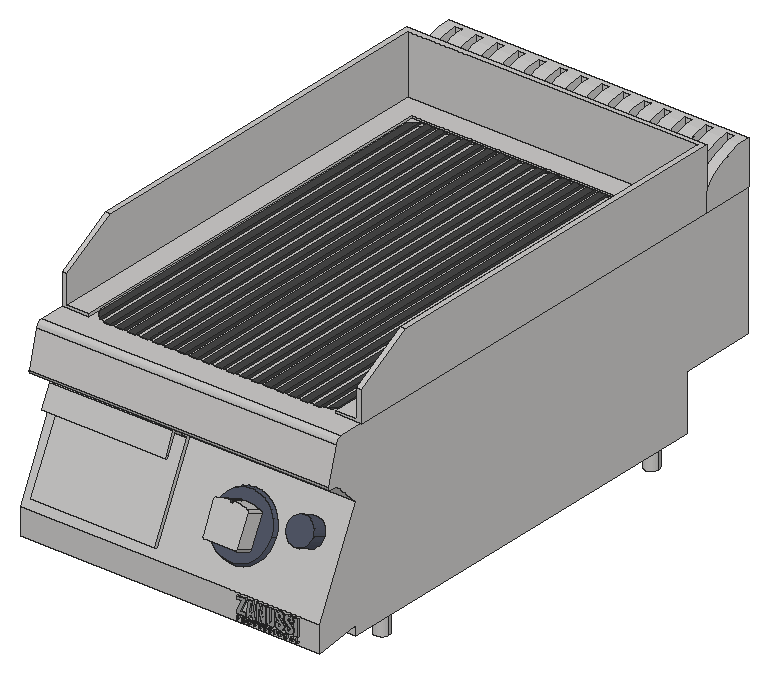
Revit family "QF_ZANUSSI_372323_Z7IILAAOMCA", category Specialty Equipment, Revit 2018
Family settings
  Round Connector Dimension = Use Diameter
  Part Type = Normal
  Work Plane-Based = No
  Always vertical = Yes
  Cut with Voids When Loaded = No
  Shared = No
  Room Calculation Point = No
Parameters (values of type "Standard")
  Weight = 40.00 kg
  Watts = 0 W
  Volts = 0 V
  URL Manufacturer = "http://www.zanussiprofessional.com"
  URL = "http://www.zanussiprofessional.com"
  Steam Supply Size = 0"
  Steam Supply Minimum Pressure = 0.00 psi
  Steam Supply Maximum Pressure = 0.00 psi
  Steam Pounds per Hour = 0
  Show Logo [instance] = yes
  Show Clearance [instance] = yes
  Refrigeration Suction Line Size = 0"
  Refrigeration Liquid Line Size = 0"
  Refrigerant Compressor Remote = yes
  Phase = 0
  Model = "Z7IILAAOMCA"
  Manufacturer = "Zanussi"
  Length Actual = 400.00 mm  # constant formula
  Item Number = "372323"
  Hot Water Size = 0"
  Height Actual = 250.00 mm  # constant formula
  HP = "0 HP"
  Gas Size = 1/2"
  Gas KW = 7
  Gas Input Pressure = 0.234579 Btu/h
  Direct Waste Size = 0"
  Description = "GAS FRY TOP-RIBBED PLATE 400MM-BRUSHED CHROME"
  Depth Actual = 700.00 mm  # constant formula
  Cycle = 0 Hz
  Condensate Return Size = 0"
  Compressed Air Volume = 0 GPM
  Compressed Air Size = 0"
  Compressed Air Pressure = 0.00 psi
  Cold Water Size = 0"
  Assembly Code = ""
  Accessory = yes
Reference planes
  plane 1 "BACK": y = 0
  plane 2: z = 0
  plane 3 "LEFT": x = 0
  plane 4 "RIGHT": x = 400
  plane 5 "FRONT": y = -715
  plane 6 "TOP": z = 288.925
  plane 7 "Center Y": x = 200
  plane 8 "Center X": y = -357.5
  plane 9 "BASE": z = 650
  plane 10 "TOP A": z = 900
  plane 11: y = -597.884
  plane 12: y = -147.637
  plane 13: z = 981
  plane 14: through (-6096, -715, 65.146) normal (0, 0.8956, -0.4448)
  plane 15 "panel": through (-6096, -655.161, 185.641) normal (0, -0.8956, 0.4448)
  plane 16: z = 900
Forms (mm)
  Extrusion 1, solid, material "QF_Finishes_Stainless Steel"
    sketch origin (0, 0, 626) x (0, 1, 0) y (0, 0, 1)
      loop
        line (0, 98) -> (0, 274) -> (-679.358, 274)
        arc (-679.358, 274) -> (-684.643, 271.811) -> (-686.833, 266.526) r 7.474
        line (-686.833, 266.526) -> (-699.884, 221.011)
        arc (-699.884, 221.011) -> (-699.396, 218.379) -> (-697, 217.184) r 3
        line (-697, 217.184) -> (-686.802, 217.184) -> (-654.982, 185.364) -> (-715, 64.508) -> (-715, 29.508) -> (-658.645, 37.428)
        arc (-658.645, 37.428) -> (-656.101, 36.674) -> (-655, 34.259) r 3.2
        line (-655, 34.259) -> (-655, 24) -> (-103, 24) -> (-103, 98) -> (0, 98)
    from 0 to 400
  Extrusion 2, void
    sketch origin (0, -2.381, 900) x (-1, 0, 0) y (0, -1, 0)
      loop
        arc (-60.425, 102.504) -> (-42.464, 109.943) -> (-35.025, 127.904) r 25.4
        line (-35.025, 127.904) -> (-35.025, 617.104)
        arc (-35.025, 617.104) -> (-42.464, 635.064) -> (-60.425, 642.504) r 25.4
        line (-60.425, 642.504) -> (-339.575, 642.504)
        arc (-339.575, 642.504) -> (-357.536, 635.064) -> (-364.975, 617.104) r 25.4
        line (-364.975, 617.104) -> (-364.975, 127.904)
        arc (-364.975, 127.904) -> (-357.536, 109.943) -> (-339.575, 102.504) r 25.4
        line (-339.575, 102.504) -> (-60.425, 102.504)
    from 0 to -3.2
  Extrusion 3, solid, material "QF_Finishes_Stainless Steel"
    sketch origin (0, 0, 626) x (1, 0, 0) y (0, 1, 0)
      loop
        circle (11.112, -147.638) r 9.525
      loop
        circle (11.112, -597.884) r 9.525
      loop
        circle (388.887, -147.638) r 9.525
      loop
        circle (388.887, -597.884) r 9.525
    from 0 to 24
  Extrusion 4, solid, material "QF_Finishes_Stainless Steel"
    sketch origin (0, -101.6, 101.6) x (0, 0, -1) y (-1, 0, 0)
      loop
        circle (-582.306, -347.613) r 6.35
    from -1.4 to 3.175
  Extrusion 5, solid, material "QF_Finishes_Clearance", visible <- "Show Clearance", detail levels coarse
    sketch origin (0, 0, 626) x (1, 0, 0) y (0, 1, 0)
      loop
        line (0, -715) -> (0, 0) -> (400, 0) -> (400, -715) -> (550.019, -715) -> (550.019, 150.019) -> (-150.019, 150.019) -> (-150.019, -715) -> (0, -715)
    from 0 to 355
  Extrusion 6, solid, material "QF_Finishes_Stainless Steel"
    sketch origin (0, -14.311, 626) x (0, 1, 0) y (0, 0, 1)
      loop
        line (-640.85, 185.828) -> (-659.988, 204.966)
        arc (-659.988, 204.966) -> (-664.455, 206.368) -> (-668.159, 203.504) r 5.058
        line (-668.159, 203.504) -> (-680.821, 175.994) -> (-677.937, 174.666) -> (-665.275, 202.176)
        arc (-665.275, 202.176) -> (-663.896, 203.243) -> (-662.233, 202.721) r 1.883
        line (-662.233, 202.721) -> (-644.727, 185.215) -> (-698.248, 77.444) -> (-695.339, 76.105) -> (-640.85, 185.828)
    from 12.7 to 177.8
  Extrusion 7, solid, material "QF_Finishes_Drawer Clearance", visible <- "Show Clearance", detail levels coarse
    sketch origin (0, -115.911, 626) x (0, 1, 0) y (0, 0, 1)
      loop
        line (-662.903, 76.105) -> (-593.739, 76.105) -> (-539.25, 185.828) -> (-558.388, 204.966)
        arc (-558.388, 204.966) -> (-560.449, 206.215) -> (-562.855, 206.368) r 5.058
        line (-562.855, 206.368) -> (-632.019, 206.368)
        arc (-632.019, 206.368) -> (-634.222, 205.39) -> (-635.723, 203.504) r 5.058
        line (-635.723, 203.504) -> (-648.385, 175.994) -> (-645.501, 174.666) -> (-632.839, 202.176)
        arc (-632.839, 202.176) -> (-631.46, 203.243) -> (-629.796, 202.721) r 1.883
        line (-629.796, 202.721) -> (-612.291, 185.215) -> (-665.811, 77.444) -> (-662.903, 76.105)
    from 12.7 to 177.8
  Extrusion 8, solid, material "QF_Finishes_Stainless Steel"
    sketch origin (0, 0, 626) x (0, 1, 0) y (0, 0, 1)
      loop
        line (0, 274) -> (0, 333.13)
        arc (0, 333.13) -> (-38.824, 324.814) -> (-69.85, 300.038) r 86.548
        line (-69.85, 300.038) -> (-69.85, 274) -> (0, 274)
    from 0 to 400.05
  Extrusion 9, void
    sketch origin (0, 0, 900.638) x (-1, 0, 0) y (0, -1, 0)
      loop
        line (-13.453, 6.761) -> (-13.453, 63.911) -> (-22.749, 63.911) -> (-22.749, 6.761) -> (-13.453, 6.761)
    from 25.4 to 63.5
  Extrusion 10, void
    sketch origin (400.05, 0, 900.638) x (1, 0, 0) y (0, 1, 0)
      loop
        line (-13.503, -6.761) -> (-22.799, -6.761) -> (-22.799, -63.911) -> (-13.503, -63.911) -> (-13.503, -6.761)
    from 25.4 to 63.5
  Extrusion 11, void
    sketch origin (27.988, 0, 900.638) x (-1, 0, 0) y (0, -1, 0)
      loop
        line (-13.453, 6.761) -> (-13.453, 63.911) -> (-22.749, 63.911) -> (-22.749, 6.761) -> (-13.453, 6.761)
    from 25.4 to 63.5
  Extrusion 12, void
    sketch origin (55.977, 0, 900.638) x (-1, 0, 0) y (0, -1, 0)
      loop
        line (-13.453, 6.761) -> (-13.453, 63.911) -> (-22.749, 63.911) -> (-22.749, 6.761) -> (-13.453, 6.761)
    from 25.4 to 63.5
  Extrusion 13, void
    sketch origin (83.965, 0, 900.638) x (-1, 0, 0) y (0, -1, 0)
      loop
        line (-13.428, 6.761) -> (-13.428, 63.911) -> (-22.724, 63.911) -> (-22.724, 6.761) -> (-13.428, 6.761)
    from 25.4 to 63.5
  Extrusion 14, void
    sketch origin (111.953, 0, 900.638) x (-1, 0, 0) y (0, -1, 0)
      loop
        line (-13.428, 6.761) -> (-13.428, 63.911) -> (-22.724, 63.911) -> (-22.724, 6.761) -> (-13.428, 6.761)
    from 25.4 to 63.5
  Extrusion 15, void
    sketch origin (139.942, 0, 900.638) x (-1, 0, 0) y (0, -1, 0)
      loop
        line (-13.428, 6.761) -> (-13.428, 63.911) -> (-22.724, 63.911) -> (-22.724, 6.761) -> (-13.428, 6.761)
    from 25.4 to 63.5
  Extrusion 16, void
    sketch origin (167.93, 0, 900.638) x (-1, 0, 0) y (0, -1, 0)
      loop
        line (-13.428, 6.761) -> (-13.428, 63.911) -> (-22.724, 63.911) -> (-22.724, 6.761) -> (-13.428, 6.761)
    from 25.4 to 63.5
  Extrusion 17, void
    sketch origin (195.918, 0, 900.638) x (-1, 0, 0) y (0, -1, 0)
      loop
        line (-13.428, 6.761) -> (-13.428, 63.911) -> (-22.724, 63.911) -> (-22.724, 6.761) -> (-13.428, 6.761)
    from 25.4 to 63.5
  Extrusion 18, void
    sketch origin (223.907, 0, 900.638) x (-1, 0, 0) y (0, -1, 0)
      loop
        line (-13.428, 6.761) -> (-13.428, 63.911) -> (-22.724, 63.911) -> (-22.724, 6.761) -> (-13.428, 6.761)
    from 25.4 to 63.5
  Extrusion 19, void
    sketch origin (251.895, 0, 900.638) x (-1, 0, 0) y (0, -1, 0)
      loop
        line (-13.428, 6.761) -> (-13.428, 63.911) -> (-22.724, 63.911) -> (-22.724, 6.761) -> (-13.428, 6.761)
    from 25.4 to 63.5
  Extrusion 20, void
    sketch origin (279.884, 0, 900.638) x (-1, 0, 0) y (0, -1, 0)
      loop
        line (-13.403, 6.761) -> (-13.403, 63.911) -> (-22.699, 63.911) -> (-22.699, 6.761) -> (-13.403, 6.761)
    from 25.4 to 63.5
  Extrusion 21, void
    sketch origin (307.872, 0, 900.638) x (-1, 0, 0) y (0, -1, 0)
      loop
        line (-13.403, 6.761) -> (-13.403, 63.911) -> (-22.699, 63.911) -> (-22.699, 6.761) -> (-13.403, 6.761)
    from 25.4 to 63.5
  Extrusion 22, void
    sketch origin (335.86, 0, 900.638) x (-1, 0, 0) y (0, -1, 0)
      loop
        line (-13.403, 6.761) -> (-13.403, 63.911) -> (-22.699, 63.911) -> (-22.699, 6.761) -> (-13.403, 6.761)
    from 25.4 to 63.5
  Sweep 23, solid, material "QF_Finishes_Stainless Steel"
    path origin (0, -2.381, 900) x (-1, 0, 0) y (0, -1, 0)
      loop
        line (-364.975, 642.504) -> (-364.975, 102.504) -> (-35.025, 102.504) -> (-35.025, 642.504)
    profile origin (35.025, -374.885, 900) x (1, 0, 0) y (0, 0, 1)
      loop
        line (-35.025, 0) -> (0, 0) -> (0, 3.175) -> (-28.675, 3.175) -> (-28.675, 81) -> (-35.025, 81) -> (-35.025, 0)
  Extrusion 24, void
    sketch origin (0, -69.86, 900) x (0, 1, 0) y (0, 0, 1)
      loop
        line (-575.025, 40.481) -> (-501.995, 81) -> (-575.025, 81) -> (-575.025, 40.481)
    from 0 to 6.35
  Extrusion 25, void
    sketch origin (400, -644.885, 900) x (0, -1, 0) y (0, 0, 1)
      loop
        line (0, 40.481) -> (0, 81) -> (-73.03, 81) -> (0, 40.481)
    from 0 to 6.35
  Extrusion 26, solid, material "QF_Plastic-Black-Matte"
    sketch origin (217.55, -684.991, 751.574) x (0, 0.444781, 0.895639) y (0, 0.895639, -0.444781)
      loop
        line (26.984, -34) -> (23.984, -34) -> (23.984, -35) -> (26.984, -35)
        arc (26.984, -35) -> (27.691, -34.707) -> (27.984, -34) r 1
        line (27.984, -34) -> (27.984, -19) -> (26.984, -19) -> (26.984, -34)
    from -58.5 to -56.5
  Extrusion 27, solid, material "QF_Finishes_Stainless Steel"
    sketch origin (275.05, -684.991, 751.574) x (-1, 0, 0) y (0, -0.444781, -0.895639)
      loop
        line (17.55, -17.5) -> (17.55, 17.5) -> (-17.45, 17.5) -> (-17.45, -17.5) -> (17.55, -17.5)
    from 5 to 10
  Blend 28, solid, material "QF_Finishes_Navy Blue"
    base sketch origin (275.05, -684.991, 751.574) x (1, 0, 0) y (0, 0.444781, 0.895639)
      loop
        circle (-0.05, 0) r 42.5
    top sketch origin (275.05, -684.991, 751.574) x (1, 0, 0) y (0, 0.444781, 0.895639)
      loop
        circle (-0.05, 0) r 40.5
    from 0 to 5
  Extrusion 29, solid, material "QF_Finishes_Stainless Steel"
    sketch origin (275.05, -684.991, 751.574) x (-1, 0, 0) y (0, -0.444781, -0.895639)
      loop
        arc (-21.097, -22.789) -> (0.05, -26.984) -> (21.197, -22.789) r 55.4
        arc (21.197, -22.789) -> (22.544, -21.685) -> (23.05, -20.019) r 2.997
        line (23.05, -20.019) -> (23.05, 20.019)
        arc (23.05, 20.019) -> (22.172, 22.138) -> (20.053, 23.016) r 2.997
        line (20.053, 23.016) -> (-19.953, 23.016)
        arc (-19.953, 23.016) -> (-22.072, 22.138) -> (-22.95, 20.019) r 2.997
        line (-22.95, 20.019) -> (-22.95, -20.019)
        arc (-22.95, -20.019) -> (-22.444, -21.685) -> (-21.097, -22.789) r 2.997
    from 10 to 34
  Extrusion 30, solid, material "QF_Finishes_Navy Blue"
    sketch origin (414.051, -676.095, 769.486) x (1, 0, 0) y (0, 0.444781, 0.895639)
      loop
        circle (-55.051, 0) r 18
    from 3 to 23
  Extrusion 31, solid, material "QF_Finishes_Stainless Steel"
    sketch origin (275.05, -676.095, 769.486) x (1, 0, 0) y (0, 0.444781, 0.895639)
      loop
        circle (83.95, 0) r 15
    from 3 to 0
  Extrusion 32, solid, material "QF_Finishes_Black"
    sketch origin (12.5, -715, 626) x (1, 0, 0) y (0, 0, 1)
      loop
        line (51.525, 274) -> (42.525, 274) -> (42.525, 270.8) -> (51.525, 270.8) -> (51.525, 274)
    from -610.115 to -70.115
  Extrusion 33, solid, material "QF_Finishes_Black"
    sketch origin (29, -715, 626) x (1, 0, 0) y (0, 0, 1)
      loop
        line (51.525, 274) -> (42.525, 274) -> (42.525, 270.8) -> (51.525, 270.8) -> (51.525, 274)
    from -610.115 to -70.115
  Extrusion 34, solid, material "QF_Finishes_Black"
    sketch origin (45.5, -715, 626) x (1, 0, 0) y (0, 0, 1)
      loop
        line (51.525, 274) -> (42.525, 274) -> (42.525, 270.8) -> (51.525, 270.8) -> (51.525, 274)
    from -610.115 to -70.115
  Extrusion 35, solid, material "QF_Finishes_Black"
    sketch origin (62, -715, 626) x (1, 0, 0) y (0, 0, 1)
      loop
        line (51.5, 274) -> (42.5, 274) -> (42.5, 270.8) -> (51.5, 270.8) -> (51.5, 274)
    from -610.115 to -70.115
  Extrusion 36, solid, material "QF_Finishes_Black"
    sketch origin (78.5, -715, 626) x (1, 0, 0) y (0, 0, 1)
      loop
        line (51.5, 274) -> (42.5, 274) -> (42.5, 270.8) -> (51.5, 270.8) -> (51.5, 274)
    from -610.115 to -70.115
  Extrusion 37, solid, material "QF_Finishes_Black"
    sketch origin (95, -715, 626) x (1, 0, 0) y (0, 0, 1)
      loop
        line (51.5, 274) -> (42.5, 274) -> (42.5, 270.8) -> (51.5, 270.8) -> (51.5, 274)
    from -610.115 to -70.115
  Extrusion 38, solid, material "QF_Finishes_Black"
    sketch origin (111.5, -715, 626) x (1, 0, 0) y (0, 0, 1)
      loop
        line (51.5, 274) -> (42.5, 274) -> (42.5, 270.8) -> (51.5, 270.8) -> (51.5, 274)
    from -610.115 to -70.115
  Extrusion 39, solid, material "QF_Finishes_Black"
    sketch origin (128, -715, 626) x (1, 0, 0) y (0, 0, 1)
      loop
        line (51.5, 274) -> (42.5, 274) -> (42.5, 270.8) -> (51.5, 270.8) -> (51.5, 274)
    from -610.115 to -70.115
  Extrusion 40, solid, material "QF_Finishes_Black"
    sketch origin (144.5, -715, 626) x (1, 0, 0) y (0, 0, 1)
      loop
        line (51.5, 274) -> (42.5, 274) -> (42.5, 270.8) -> (51.5, 270.8) -> (51.5, 274)
    from -610.115 to -70.115
  Extrusion 41, solid, material "QF_Finishes_Black"
    sketch origin (161, -715, 626) x (1, 0, 0) y (0, 0, 1)
      loop
        line (51.5, 274) -> (42.5, 274) -> (42.5, 270.8) -> (51.5, 270.8) -> (51.5, 274)
    from -610.115 to -70.115
  Extrusion 42, solid, material "QF_Finishes_Black"
    sketch origin (177.5, -715, 626) x (1, 0, 0) y (0, 0, 1)
      loop
        line (51.5, 274) -> (42.5, 274) -> (42.5, 270.8) -> (51.5, 270.8) -> (51.5, 274)
    from -610.115 to -70.115
  Extrusion 43, solid, material "QF_Finishes_Black"
    sketch origin (194, -715, 626) x (1, 0, 0) y (0, 0, 1)
      loop
        line (51.5, 274) -> (42.5, 274) -> (42.5, 270.8) -> (51.5, 270.8) -> (51.5, 274)
    from -610.115 to -70.115
  Extrusion 44, solid, material "QF_Finishes_Black"
    sketch origin (210.5, -715, 626) x (1, 0, 0) y (0, 0, 1)
      loop
        line (51.5, 274) -> (42.5, 274) -> (42.5, 270.8) -> (51.5, 270.8) -> (51.5, 274)
    from -610.115 to -70.115
  Extrusion 45, solid, material "QF_Finishes_Black"
    sketch origin (227, -715, 626) x (1, 0, 0) y (0, 0, 1)
      loop
        line (51.5, 274) -> (42.5, 274) -> (42.5, 270.8) -> (51.5, 270.8) -> (51.5, 274)
    from -610.115 to -70.115
  Extrusion 46, solid, material "QF_Finishes_Black"
    sketch origin (243.5, -715, 626) x (1, 0, 0) y (0, 0, 1)
      loop
        line (51.5, 274) -> (42.5, 274) -> (42.5, 270.8) -> (51.5, 270.8) -> (51.5, 274)
    from -610.115 to -70.115
  Extrusion 47, solid, material "QF_Finishes_Black"
    sketch origin (260, -715, 626) x (1, 0, 0) y (0, 0, 1)
      loop
        line (51.475, 274) -> (42.475, 274) -> (42.475, 270.8) -> (51.475, 270.8) -> (51.475, 274)
    from -610.115 to -70.115
  Extrusion 48, solid, material "QF_Finishes_Black"
    sketch origin (276.5, -715, 626) x (1, 0, 0) y (0, 0, 1)
      loop
        line (51.475, 274) -> (42.475, 274) -> (42.475, 270.8) -> (51.475, 270.8) -> (51.475, 274)
    from -610.115 to -70.115
  Extrusion 49, solid, material "QF_Finishes_Black"
    sketch origin (293, -715, 626) x (1, 0, 0) y (0, 0, 1)
      loop
        line (51.475, 274) -> (42.475, 274) -> (42.475, 270.8) -> (51.475, 270.8) -> (51.475, 274)
    from -610.115 to -70.115
  Extrusion 50, solid, material "QF_Finishes_Black"
    sketch origin (-1000, 0, 626) x (1, 0, 0) y (0, 1, 0)
      loop
        line (1047.525, -641.365) -> (1047.525, -108.404)
        arc (1047.525, -108.404) -> (1042.451, -112.338) -> (1038.525, -117.418) r 25.4
        line (1038.525, -117.418) -> (1038.525, -632.351)
        arc (1038.525, -632.351) -> (1042.451, -637.432) -> (1047.525, -641.365) r 25.4
      loop
        arc (1351.975, -641.652) -> (1356.999, -637.966) -> (1360.975, -633.167) r 25.4
        line (1360.975, -633.167) -> (1360.975, -116.603)
        arc (1360.975, -116.603) -> (1356.999, -111.804) -> (1351.975, -108.117) r 25.4
        line (1351.975, -108.117) -> (1351.975, -641.652)
    from 271.438 to 274.638
Cuts and joins
  Extrusion 2 cuts Extrusion 1
  Extrusion 9, Extrusion 10, Extrusion 11, Extrusion 12, Extrusion 13, Extrusion 14, Extrusion 15, Extrusion 16, Extrusion 17, Extrusion 18, Extrusion 19, Extrusion 20, Extrusion 21, Extrusion 22 cuts Extrusion 8
  Extrusion 24, Extrusion 25 cuts Sweep 23
Lines and regions (mm)
  Split face 1
    outline origin (280.951, -689.469, 753.797) x (1, 0, 0) y (0, 0.444781, 0.895639)
      loop
        line (-8.901, 38.561) -> (-8.901, 28.561) -> (-2.901, 28.561) -> (-2.901, 38.561) -> (-8.901, 38.561)
  Split face 2
    outline origin (280.951, -689.469, 753.797) x (1, 0, 0) y (0, 0.444781, 0.895639)
      loop
        line (-8.401, 38.061) -> (-8.401, 29.061) -> (-3.401, 29.061) -> (-3.401, 38.061) -> (-8.401, 38.061)
  Split face 3
    outline origin (280.951, -689.469, 753.797) x (1, 0, 0) y (0, 0.444781, 0.895639)
      loop
        line (-8.401, 33.561) -> (-3.401, 33.561)
  Split face 4
    outline origin (280.951, -689.469, 753.797) x (1, 0, 0) y (0, 0.444781, 0.895639)
      loop
        line (-8.401, 33.061) -> (-3.401, 33.061)
  Split face 5
    outline origin (280.951, -689.469, 753.797) x (1, 0, 0) y (0, 0.444781, 0.895639)
      loop
        circle (-5.901, 35.811) r 2.031
  Split face 6
    outline origin (275.05, -689.469, 753.797) x (1, 0, 0) y (0, 0.444781, 0.895639)
      loop
        circle (-24.487, 26.694) r 3.497
  Split face 7
    outline origin (275.05, -689.469, 753.797) x (1, 0, 0) y (0, 0.444781, 0.895639)
      loop
        circle (-33, 0) r 3
  Split face 8
    outline origin (275.05, -689.469, 753.797) x (1, 0, 0) y (0, 0.444781, 0.895639)
      loop
        circle (-17.8, -29.371) r 1.5
  symbolic lines, style "QF-Clearances", visible <- "Show Clearance", detail levels coarse
    curve 1: line (-150.019, 150.019, 900) -> (-150.019, -715, 900)
    curve 2: line (550.019, 150.019, 900) -> (-150.019, 150.019, 900)
    curve 3: line (550.019, -716.377, 900) -> (550.019, 150.019, 900)
  symbolic lines
    curve 4: line (0, 0, 900) -> (400, 0, 900)
    curve 5: line (0, -715, 900) -> (0, 0, 900)
    curve 6: line (400, 0, 900) -> (400, -715, 900)
    curve 7: line (35.025, -130.285, 900) -> (35.025, -644.885, 900)
    curve 8: arc (35.025, -619.485, 900) -> (42.464, -637.445, 900) -> (60.425, -644.885, 900) r 25.4
    curve 9: line (0, -644.885, 900) -> (35.025, -644.885, 900)
    curve 10: arc (339.575, -644.885, 900) -> (357.536, -637.445, 900) -> (364.975, -619.485, 900) r 25.4
    curve 11: line (364.975, -644.885, 900) -> (364.975, -130.285, 900)
    curve 12: line (339.575, -104.885, 900) -> (60.425, -104.885, 900)
    curve 13: line (0, -69.85, 900) -> (400, -69.85, 900)
    curve 14: arc (60.425, -104.885, 900) -> (42.464, -112.324, 900) -> (35.025, -130.285, 900) r 25.4
    curve 15: arc (339.575, -104.885, 900) -> (357.536, -112.324, 900) -> (364.975, -130.285, 900) r 25.4
    curve 16: line (6.35, -76.21, 900) -> (6.35, -644.885, 900)
    curve 17: line (6.35, -76.21, 900) -> (393.65, -76.21, 900)
    curve 18: line (393.65, -76.21, 900) -> (393.65, -644.885, 900)
    curve 19: line (13.428, -6.761, 900) -> (22.724, -6.761, 900)
    curve 20: line (13.428, -63.911, 900) -> (13.428, -6.761, 900)
    curve 21: line (22.724, -63.911, 900) -> (13.428, -63.911, 900)
    curve 22: line (22.724, -6.761, 900) -> (22.724, -63.911, 900)
    curve 23: line (41.416, -6.761, 900) -> (50.712, -6.761, 900)
    curve 24: line (41.416, -63.911, 900) -> (41.416, -6.761, 900)
    curve 25: line (50.712, -63.911, 900) -> (41.416, -63.911, 900)
    curve 26: line (50.712, -6.761, 900) -> (50.712, -63.911, 900)
    curve 27: line (69.405, -6.761, 900) -> (78.7, -6.761, 900)
    curve 28: line (69.405, -63.911, 900) -> (69.405, -6.761, 900)
    curve 29: line (78.7, -63.911, 900) -> (69.405, -63.911, 900)
    curve 30: line (78.7, -6.761, 900) -> (78.7, -63.911, 900)
    curve 31: line (97.393, -6.761, 900) -> (106.689, -6.761, 900)
    curve 32: line (97.393, -63.911, 900) -> (97.393, -6.761, 900)
    curve 33: line (106.689, -63.911, 900) -> (97.393, -63.911, 900)
    curve 34: line (106.689, -6.761, 900) -> (106.689, -63.911, 900)
    curve 35: line (125.381, -6.761, 900) -> (134.677, -6.761, 900)
    curve 36: line (125.381, -63.911, 900) -> (125.381, -6.761, 900)
    curve 37: line (134.677, -63.911, 900) -> (125.381, -63.911, 900)
    curve 38: line (134.677, -6.761, 900) -> (134.677, -63.911, 900)
    curve 39: line (153.37, -6.761, 900) -> (162.665, -6.761, 900)
    curve 40: line (153.37, -63.911, 900) -> (153.37, -6.761, 900)
    curve 41: line (162.665, -63.911, 900) -> (153.37, -63.911, 900)
    curve 42: line (162.665, -6.761, 900) -> (162.665, -63.911, 900)
    curve 43: line (181.358, -6.761, 900) -> (190.654, -6.761, 900)
    curve 44: line (181.358, -63.911, 900) -> (181.358, -6.761, 900)
    curve 45: line (190.654, -63.911, 900) -> (181.358, -63.911, 900)
    curve 46: line (190.654, -6.761, 900) -> (190.654, -63.911, 900)
    curve 47: line (209.346, -6.761, 900) -> (218.642, -6.761, 900)
    curve 48: line (209.346, -63.911, 900) -> (209.346, -6.761, 900)
    curve 49: line (218.642, -63.911, 900) -> (209.346, -63.911, 900)
    curve 50: line (218.642, -6.761, 900) -> (218.642, -63.911, 900)
    curve 51: line (237.31, -6.761, 900) -> (246.605, -6.761, 900)
    curve 52: line (237.31, -63.911, 900) -> (237.31, -6.761, 900)
    curve 53: line (246.605, -63.911, 900) -> (237.31, -63.911, 900)
    curve 54: line (246.605, -6.761, 900) -> (246.605, -63.911, 900)
    curve 55: line (265.298, -6.761, 900) -> (274.594, -6.761, 900)
    curve 56: line (265.298, -63.911, 900) -> (265.298, -6.761, 900)
    curve 57: line (274.594, -63.911, 900) -> (265.298, -63.911, 900)
    curve 58: line (274.594, -6.761, 900) -> (274.594, -63.911, 900)
    curve 59: line (293.286, -6.761, 900) -> (302.582, -6.761, 900)
    curve 60: line (293.286, -63.911, 900) -> (293.286, -6.761, 900)
    curve 61: line (302.582, -63.911, 900) -> (293.286, -63.911, 900)
    curve 62: line (302.582, -6.761, 900) -> (302.582, -63.911, 900)
    curve 63: line (321.275, -6.761, 900) -> (330.57, -6.761, 900)
    curve 64: line (321.275, -63.911, 900) -> (321.275, -6.761, 900)
    curve 65: line (330.57, -63.911, 900) -> (321.275, -63.911, 900)
    curve 66: line (330.57, -6.761, 900) -> (330.57, -63.911, 900)
    curve 67: line (349.263, -6.761, 900) -> (358.559, -6.761, 900)
    curve 68: line (349.263, -63.911, 900) -> (349.263, -6.761, 900)
    curve 69: line (358.559, -63.911, 900) -> (349.263, -63.911, 900)
    curve 70: line (358.559, -6.761, 900) -> (358.559, -63.911, 900)
    curve 71: line (377.251, -6.761, 900) -> (386.547, -6.761, 900)
    curve 72: line (377.251, -63.911, 900) -> (377.251, -6.761, 900)
    curve 73: line (386.547, -63.911, 900) -> (377.251, -63.911, 900)
    curve 74: line (386.547, -6.761, 900) -> (386.547, -63.911, 900)
    curve 75: line (364.975, -644.885, 900) -> (400, -644.885, 900)
    curve 76: line (60.425, -644.885, 900) -> (339.575, -644.885, 900)
    curve 80: line (0.05, -700, 0) -> (400, -700, 0)
    curve 81: line (298.025, -700, 0) -> (298.025, -724.347, 0)
    curve 82: arc (298.025, -724.347, 0) -> (297.879, -724.811, 0) -> (297.493, -725.107, 0) r 0.809
    curve 83: arc (297.493, -725.107, 0) -> (296.305, -725.587, 0) -> (295.028, -725.68, 0) r 4.127
    curve 84: arc (298.025, -704.292, 0) -> (303.066, -702.458, 0) -> (307.834, -700, 0) r 42.24
    curve 85: arc (298.025, -706.539, 0) -> (297.523, -705.818, 0) -> (296.726, -705.448, 0) r 1.682
    curve 86: arc (296.726, -705.448, 0) -> (286.423, -703.95, 0) -> (276.025, -703.441, 0) r 109.079
    curve 87: line (276.025, -700, 0) -> (276.025, -705.671, 0)
    curve 88: line (276.025, -705.671, 0) -> (274.025, -705.671, 0)
    curve 89: line (274.025, -705.671, 0) -> (274.025, -700, 0)
    curve 90: line (252.025, -700, 0) -> (252.025, -724.347, 0)
    curve 91: arc (252.025, -724.347, 0) -> (252.171, -724.811, 0) -> (252.557, -725.107, 0) r 0.809
    curve 92: arc (252.557, -725.107, 0) -> (253.745, -725.587, 0) -> (255.022, -725.68, 0) r 4.127
    curve 93: arc (252.025, -704.292, 0) -> (246.984, -702.458, 0) -> (242.216, -700, 0) r 42.24
    curve 94: arc (252.025, -706.539, 0) -> (252.527, -705.818, 0) -> (253.324, -705.448, 0) r 1.682
    curve 95: arc (253.324, -705.448, 0) -> (263.627, -703.95, 0) -> (274.025, -703.441, 0) r 109.079
    curve 96: line (295.028, -725.68, 0) -> (255.022, -725.68, 0)
    curve 97: line (0, -715, 0) -> (252.025, -715, 0)
    curve 98: line (298.025, -715, 0) -> (400, -715, 0)
    curve 99: spline (342.63, -700, 0) -> (344.338, -701.323, 0) -> (346.579, -702.479, 0) -> (349.272, -703.424, 0) -> (352.319, -704.125, 0) -> (355.61, -704.556, 0) -> (359.025, -704.701, 0) -> (362.44, -704.556, 0) -> (365.731, -704.125, 0) -> (368.778, -703.424, 0) -> (371.471, -702.479, 0) -> (373.712, -701.323, 0) -> (375.42, -700, 0)
    curve 100: line (12.7, -715, 0) -> (12.7, -700, 0)
    curve 101: line (177.775, -715, 0) -> (177.775, -700, 0)
    curve 102: line (76.025, -104.885, 0) -> (76.025, -644.885, 0)
    curve 103: line (60.425, -104.885, 0) -> (60.425, -644.885, 0)
    curve 104: line (42.464, -112.324, 0) -> (42.464, -637.445, 0)
    curve 105: line (92.525, -104.885, 0) -> (92.525, -644.885, 0)
    curve 106: line (109, -104.885, 0) -> (109, -644.885, 0)
    curve 107: line (125.5, -104.885, 0) -> (125.5, -644.885, 0)
    curve 108: line (142, -104.885, 0) -> (142, -644.885, 0)
    curve 109: line (158.5, -104.885, 0) -> (158.5, -644.885, 0)
    curve 110: line (175, -104.885, 0) -> (175, -644.885, 0)
    curve 111: line (191.5, -104.885, 0) -> (191.5, -644.885, 0)
    curve 112: line (208, -104.885, 0) -> (208, -644.885, 0)
    curve 113: line (224.5, -104.885, 0) -> (224.5, -644.885, 0)
    curve 114: line (241, -104.885, 0) -> (241, -644.885, 0)
    curve 115: line (257.5, -104.885, 0) -> (257.5, -644.885, 0)
    curve 116: line (274, -104.885, 0) -> (274, -644.885, 0)
    curve 117: line (290.5, -104.885, 0) -> (290.5, -644.885, 0)
    curve 118: line (306.975, -104.885, 0) -> (306.975, -644.885, 0)
    curve 119: line (323.475, -104.885, 0) -> (323.475, -644.885, 0)
    curve 120: line (339.575, -104.885, 0) -> (339.575, -644.885, 0)
    curve 121: line (356.999, -111.804, 0) -> (356.999, -637.966, 0)
  symbolic lines, style "QF_Drawer Clearance"
    curve 77: line (12.7, -715, 0) -> (12.7, -767.387, 0)
    curve 78: line (12.7, -767.388, 0) -> (177.775, -767.388, 0)
    curve 79: line (177.775, -767.388, 0) -> (177.775, -715, 0)
Dimensions and locks
  equal spacing: plane 3 "LEFT", plane 7 "Center Y", plane 4 "RIGHT"
  plane 3 "LEFT" to plane 4 "RIGHT" = 400.00 mm
  equal spacing: plane 5 "FRONT", plane 8 "Center X", plane 1 "BACK"
  plane 5 "FRONT" to plane 1 "BACK" = 715.00 mm
  plane 1 "BACK" to plane 5 "FRONT" = 715.00 mm
  plane 9 "BASE" to level = 650.00 mm  (x2)
  Sweep 23 sketch curve to level = 981.00 mm
  plane 10 "TOP A" to plane 9 "BASE" = 250.00 mm  (x2)
  plane 13 to level = 981.00 mm
  plane 16 to level = 900.00 mm
  aligned and locked: level to plane 2
  aligned and locked: plane 4 "RIGHT" to Extrusion 1
  aligned and locked: plane 9 "BASE" to Extrusion 3
  aligned: plane 6 "TOP" to Extrusion 5
  aligned and locked: Extrusion 5 to plane 13
Automatic sketch dimensions
  plane 1 "BACK" to Extrusion 13 sketch curve = 6.761 mm
  Extrusion 13 sketch curve to plane 7 "Center Y" = 93.311 mm
  Extrusion 13 sketch curve to Extrusion 13 sketch curve = 9.296 mm
  Extrusion 13 sketch curve to Extrusion 13 sketch curve = 57.15 mm
  plane 1 "BACK" to Extrusion 14 sketch curve = 6.761 mm
  Extrusion 14 sketch curve to plane 7 "Center Y" = 65.323 mm
  Extrusion 14 sketch curve to Extrusion 14 sketch curve = 9.296 mm
  Extrusion 14 sketch curve to Extrusion 14 sketch curve = 57.15 mm
  plane 1 "BACK" to Extrusion 15 sketch curve = 6.761 mm
  Extrusion 15 sketch curve to plane 7 "Center Y" = 37.335 mm
  Extrusion 15 sketch curve to Extrusion 15 sketch curve = 9.296 mm
  Extrusion 15 sketch curve to Extrusion 15 sketch curve = 57.15 mm
  Extrusion 16 sketch curve to plane 7 "Center Y" = 9.346 mm
  Extrusion 16 sketch curve to Extrusion 16 sketch curve = 9.296 mm
  plane 1 "BACK" to Extrusion 16 sketch curve = 6.761 mm
  Extrusion 16 sketch curve to Extrusion 16 sketch curve = 57.15 mm
  plane 1 "BACK" to Extrusion 17 sketch curve = 6.761 mm
  plane 7 "Center Y" to Extrusion 17 sketch curve = 18.642 mm
  Extrusion 17 sketch curve to Extrusion 17 sketch curve = 9.296 mm
  Extrusion 17 sketch curve to Extrusion 17 sketch curve = 57.15 mm
  plane 1 "BACK" to Extrusion 18 sketch curve = 6.761 mm
  plane 7 "Center Y" to Extrusion 18 sketch curve = 46.63 mm
  Extrusion 18 sketch curve to Extrusion 18 sketch curve = 9.296 mm
  Extrusion 18 sketch curve to Extrusion 18 sketch curve = 57.15 mm
  plane 1 "BACK" to Extrusion 19 sketch curve = 6.761 mm
  plane 7 "Center Y" to Extrusion 19 sketch curve = 74.619 mm
  Extrusion 19 sketch curve to Extrusion 19 sketch curve = 9.296 mm
  Extrusion 19 sketch curve to Extrusion 19 sketch curve = 57.15 mm
  Extrusion 8 sketch curve to plane 10 "TOP A" = 0.00 mm
  Extrusion 8 sketch curve to plane 1 "BACK" = 0.00 mm
  plane 1 "BACK" to Extrusion 8 sketch curve = 1.769 mm
  plane 6 "TOP" to Extrusion 8 sketch curve = 637.113 mm
  plane 1 "BACK" to Extrusion 8 sketch curve = 69.85 mm
  Extrusion 8 sketch curve to plane 10 "TOP A" = 27.40 mm
  Extrusion 26 sketch curve to plane 14 = 313.433 mm
  Extrusion 26 sketch curve to plane 5 "FRONT" = 9.329 mm
  Extrusion 26 sketch curve to Extrusion 26 sketch curve = 3.00 mm
  Extrusion 26 sketch curve to Extrusion 26 sketch curve = 0.00 mm
  Extrusion 26 sketch curve to Extrusion 26 sketch curve = 1.00 mm  (x2)
  Extrusion 26 sketch curve to Extrusion 26 sketch curve = 15.00 mm
  Extrusion 35 sketch curve to Extrusion 35 sketch curve = 9.00 mm
  Extrusion 35 sketch curve to Extrusion 35 sketch curve = 3.20 mm
  Extrusion 36 sketch curve to Extrusion 36 sketch curve = 9.00 mm
  Extrusion 36 sketch curve to Extrusion 36 sketch curve = 3.20 mm
  Extrusion 37 sketch curve to Extrusion 37 sketch curve = 9.00 mm
  Extrusion 37 sketch curve to Extrusion 37 sketch curve = 3.20 mm
  Extrusion 38 sketch curve to Extrusion 38 sketch curve = 9.00 mm
  Extrusion 38 sketch curve to Extrusion 38 sketch curve = 3.20 mm
  Extrusion 39 sketch curve to Extrusion 39 sketch curve = 9.00 mm
  Extrusion 39 sketch curve to Extrusion 39 sketch curve = 3.20 mm
  Extrusion 40 sketch curve to Extrusion 40 sketch curve = 9.00 mm
  Extrusion 40 sketch curve to Extrusion 40 sketch curve = 3.20 mm
  Extrusion 41 sketch curve to Extrusion 41 sketch curve = 9.00 mm
  Extrusion 41 sketch curve to Extrusion 41 sketch curve = 3.20 mm
  Extrusion 42 sketch curve to Extrusion 42 sketch curve = 9.00 mm
  Extrusion 42 sketch curve to Extrusion 42 sketch curve = 3.20 mm
  Extrusion 43 sketch curve to Extrusion 43 sketch curve = 9.00 mm
  Extrusion 43 sketch curve to Extrusion 43 sketch curve = 3.20 mm
  Extrusion 44 sketch curve to Extrusion 44 sketch curve = 9.00 mm
  Extrusion 44 sketch curve to Extrusion 44 sketch curve = 3.20 mm
  Extrusion 45 sketch curve to Extrusion 45 sketch curve = 9.00 mm
  Extrusion 45 sketch curve to Extrusion 45 sketch curve = 3.20 mm
  Extrusion 46 sketch curve to Extrusion 46 sketch curve = 9.00 mm
  Extrusion 46 sketch curve to Extrusion 46 sketch curve = 3.20 mm
  Extrusion 35 sketch curve to plane 10 "TOP A" = 0.00 mm
  Extrusion 35 sketch curve to plane 7 "Center Y" = 95.50 mm
  Extrusion 36 sketch curve to plane 10 "TOP A" = 0.00 mm
  Extrusion 36 sketch curve to plane 7 "Center Y" = 79.00 mm
  Extrusion 37 sketch curve to plane 10 "TOP A" = 0.00 mm
  Extrusion 37 sketch curve to plane 7 "Center Y" = 62.50 mm
  Extrusion 38 sketch curve to plane 10 "TOP A" = 0.00 mm
  Extrusion 38 sketch curve to plane 7 "Center Y" = 46.00 mm
  Extrusion 39 sketch curve to plane 10 "TOP A" = 0.00 mm
  Extrusion 39 sketch curve to plane 7 "Center Y" = 29.50 mm
  Extrusion 40 sketch curve to plane 10 "TOP A" = 0.00 mm
  Extrusion 40 sketch curve to plane 7 "Center Y" = 4.00 mm
  Extrusion 41 sketch curve to plane 10 "TOP A" = 0.00 mm
  plane 7 "Center Y" to Extrusion 41 sketch curve = 3.50 mm
  Extrusion 42 sketch curve to plane 10 "TOP A" = 0.00 mm
  plane 7 "Center Y" to Extrusion 42 sketch curve = 20.00 mm
  Extrusion 43 sketch curve to plane 10 "TOP A" = 0.00 mm
  plane 7 "Center Y" to Extrusion 43 sketch curve = 36.50 mm
  Extrusion 44 sketch curve to plane 10 "TOP A" = 0.00 mm
  plane 7 "Center Y" to Extrusion 44 sketch curve = 53.00 mm
  Extrusion 45 sketch curve to plane 10 "TOP A" = 0.00 mm
  plane 7 "Center Y" to Extrusion 45 sketch curve = 69.50 mm
  Extrusion 46 sketch curve to plane 10 "TOP A" = 0.00 mm
  plane 7 "Center Y" to Extrusion 46 sketch curve = 86.00 mm
  plane 7 "Center Y" to Extrusion 27 sketch curve = 92.50 mm
  Extrusion 27 sketch curve to Extrusion 27 sketch curve = 35.00 mm  (x2)
  plane 7 "Center Y" to Blend 28 sketch curve = 75.00 mm  (x2)
  plane 7 "Center Y" to Extrusion 29 sketch curve = 98.00 mm
  Extrusion 29 sketch curve to Extrusion 29 sketch curve = 2.997 mm  (x3)
  Extrusion 29 sketch curve to Extrusion 29 sketch curve = 20.003 mm  (x2)
  Extrusion 29 sketch curve to Extrusion 29 sketch curve = 40.005 mm
  Extrusion 29 sketch curve to Extrusion 29 sketch curve = 0.00 mm  (x2)
  Extrusion 29 sketch curve to Extrusion 29 sketch curve = 40.037 mm
  Extrusion 29 sketch curve to Extrusion 29 sketch curve = 5.399 mm
  Split face 1 sketch curve to Split face 1 sketch curve = 6.00 mm
  Split face 1 sketch curve to Split face 1 sketch curve = 10.00 mm
  Split face 2 sketch curve to Split face 2 sketch curve = 5.00 mm
  Split face 2 sketch curve to Split face 2 sketch curve = 9.00 mm
  Split face 3 sketch curve to Split face 3 sketch curve = 5.00 mm
  Split face 4 sketch curve to Split face 4 sketch curve = 5.00 mm
  curve 97 to plane 3 "LEFT" = 0.00 mm
  plane 5 "FRONT" to curve 100 = 0.00 mm
  plane 5 "FRONT" to curve 98 = 0.00 mm
  curve 80 to plane 4 "RIGHT" = 0.00 mm
  curve 98 to plane 4 "RIGHT" = 0.00 mm
  plane 3 "LEFT" to curve 78 = 12.70 mm
  curve 79 to plane 7 "Center Y" = 22.225 mm
  plane 5 "FRONT" to curve 90 = 9.347 mm
  plane 7 "Center Y" to curve 90 = 52.025 mm
  curve 90 to curve 91 = 0.809 mm
  curve 94 to curve 94 = 1.583 mm
  curve 91 to curve 92 = 1.846 mm
  curve 91 to curve 96 = 2.189 mm
  curve 90 to curve 93 = 11.892 mm
  curve 89 to plane 5 "FRONT" = 9.329 mm
  curve 94 to curve 89 = 20.417 mm
  plane 7 "Center Y" to curve 95 = 74.156 mm
  curve 95 to curve 86 = 1.738 mm
  curve 88 to curve 88 = 2.00 mm
  curve 93 to curve 84 = 22.215 mm
  curve 87 to curve 96 = 19.003 mm
  curve 96 to curve 83 = 0.343 mm
  curve 83 to curve 85 = 1.071 mm
  curve 96 to curve 82 = 2.189 mm
  curve 82 to curve 81 = 0.809 mm
  plane 5 "FRONT" to curve 96 = 10.68 mm
  curve 77 to curve 77 = 52.388 mm
  curve 86 to curve 83 = 86.839 mm
  curve 95 to curve 86 = 0.00 mm
  curve 96 to curve 81 = 1.333 mm
  curve 82 to curve 83 = 2.779 mm
  curve 91 to curve 92 = 2.779 mm
  curve 85 to plane 5 "FRONT" = 7.894 mm
  curve 94 to plane 5 "FRONT" = 7.894 mm
  curve 87 to curve 84 = 41.91 mm
  curve 93 to curve 84 = 0.00 mm
  plane 3 "LEFT" to curve 80 = 0.05 mm
  curve 100 to curve 77 = 0.00 mm
  curve 101 to curve 79 = 0.00 mm
  curve 93 to curve 90 = 9.809 mm
  curve 94 to curve 94 = 0.284 mm
  curve 85 to curve 85 = 0.284 mm
  curve 81 to curve 84 = 9.809 mm
  curve 84 to curve 99 = 34.796 mm
  curve 99 to curve 99 = 16.395 mm
  curve 99 to curve 99 = 1.605 mm
  curve 85 to curve 85 = 0.567 mm
  curve 94 to curve 94 = 0.567 mm
  curve 95 to curve 93 = 1.156 mm
  curve 99 to curve 99 = 3.305 mm
  plane 11 to curve 120 = 47.00 mm
  curve 119 to curve 120 = 0.00 mm  (x2)
  curve 118 to curve 119 = 0.00 mm  (x2)
  curve 117 to curve 118 = 0.00 mm  (x2)
  curve 116 to curve 117 = 0.00 mm  (x2)
  curve 115 to curve 116 = 0.00 mm  (x2)
  curve 114 to curve 115 = 0.00 mm  (x2)
  curve 113 to curve 114 = 0.00 mm  (x2)
  curve 112 to curve 113 = 0.00 mm  (x2)
  curve 111 to curve 112 = 0.00 mm  (x2)
  curve 110 to curve 111 = 0.00 mm  (x2)
  curve 109 to curve 110 = 0.00 mm  (x2)
  curve 108 to curve 109 = 0.00 mm  (x2)
  curve 102 to curve 105 = 0.00 mm  (x2)
  curve 105 to curve 106 = 0.00 mm  (x2)
  Extrusion 1 sketch curve to plane 5 "FRONT" = 0.00 mm
  Extrusion 1 sketch curve to plane 10 "TOP A" = 0.00 mm
  Extrusion 1 sketch curve to plane 9 "BASE" = 0.00 mm
  Extrusion 1 sketch curve to plane 1 "BACK" = 0.00 mm
  Extrusion 1 sketch curve to plane 5 "FRONT" = 15.116 mm
  Extrusion 1 sketch curve to Extrusion 1 sketch curve = 2.884 mm
  Extrusion 1 sketch curve to plane 10 "TOP A" = 7.474 mm
  Extrusion 1 sketch curve to plane 5 "FRONT" = 28.167 mm
  Extrusion 1 sketch curve to Extrusion 1 sketch curve = 10.198 mm
  plane 9 "BASE" to Extrusion 1 sketch curve = 13.428 mm
  Extrusion 1 sketch curve to plane 5 "FRONT" = 56.355 mm
  Extrusion 1 sketch curve to Extrusion 1 sketch curve = 0.445 mm
  Extrusion 1 sketch curve to Extrusion 1 sketch curve = 3.20 mm
  Extrusion 1 sketch curve to Extrusion 1 sketch curve = 31.82 mm
  Extrusion 1 sketch curve to plane 12 = 44.638 mm
  plane 9 "BASE" to Extrusion 1 sketch curve = 5.508 mm
  Extrusion 1 sketch curve to Extrusion 1 sketch curve = 35.00 mm
  Extrusion 1 sketch curve to Extrusion 1 sketch curve = 74.00 mm
  Extrusion 1 sketch curve to Extrusion 1 sketch curve = 81.162 mm
  Extrusion 1 sketch curve to Extrusion 1 sketch curve = 49.342 mm
  Extrusion 1 sketch curve to Extrusion 1 sketch curve = 3.00 mm
  Extrusion 2 sketch curve to plane 4 "RIGHT" = 35.025 mm
  Extrusion 2 sketch curve to Extrusion 2 sketch curve = 25.40 mm  (x3)
  Extrusion 2 sketch curve to plane 12 = 17.353 mm
  plane 3 "LEFT" to Extrusion 2 sketch curve = 60.425 mm  (x2)
  plane 11 to Extrusion 2 sketch curve = 21.60 mm
  plane 11 to Extrusion 3 sketch curve = 0.00 mm  (x2)
  plane 12 to Extrusion 3 sketch curve = 0.00 mm  (x2)
  plane 3 "LEFT" to Extrusion 3 sketch curve = 11.112 mm  (x2)
  Extrusion 3 sketch curve to plane 4 "RIGHT" = 11.113 mm  (x2)
  plane 9 "BASE" to Extrusion 4 sketch curve = 33.906 mm
  Extrusion 4 sketch curve to plane 4 "RIGHT" = 52.387 mm
  plane 5 "FRONT" to Extrusion 5 sketch curve = 0.00 mm  (x2)
  plane 1 "BACK" to Extrusion 5 sketch curve = 0.00 mm
  Extrusion 5 sketch curve to plane 3 "LEFT" = 0.00 mm
  Extrusion 5 sketch curve to plane 4 "RIGHT" = 0.00 mm
  Extrusion 5 sketch curve to plane 3 "LEFT" = 150.019 mm
  Extrusion 5 sketch curve to Extrusion 5 sketch curve = 150.019 mm
  Extrusion 5 sketch curve to plane 1 "BACK" = 150.019 mm
  curve 6 to plane 4 "RIGHT" = 0.00 mm
  plane 1 "BACK" to curve 5 = 0.00 mm
  curve 5 to plane 3 "LEFT" = 0.00 mm
  plane 5 "FRONT" to curve 1 = 0.00 mm
  plane 5 "FRONT" to curve 5 = 0.00 mm
  plane 5 "FRONT" to curve 6 = 0.00 mm
  plane 4 "RIGHT" to curve 3 = 150.019 mm
  curve 17 to plane 4 "RIGHT" = 6.35 mm
  curve 74 to plane 4 "RIGHT" = 13.453 mm
  curve 73 to curve 72 = 9.296 mm
  curve 18 to curve 11 = 28.675 mm
  plane 1 "BACK" to curve 67 = 6.761 mm
  curve 71 to curve 67 = 18.693 mm
  curve 69 to curve 68 = 9.296 mm
  curve 11 to curve 15 = 25.40 mm
  curve 11 to curve 76 = 25.40 mm
  curve 68 to curve 66 = 18.693 mm
  curve 65 to curve 64 = 9.296 mm
  curve 64 to curve 62 = 18.693 mm
  curve 61 to curve 60 = 9.296 mm
  curve 60 to curve 58 = 18.693 mm
  curve 57 to curve 56 = 9.296 mm
  curve 56 to curve 54 = 18.693 mm
  curve 53 to curve 52 = 9.296 mm
  plane 7 "Center Y" to curve 50 = 18.642 mm
  curve 47 to curve 48 = 9.296 mm
  curve 46 to plane 7 "Center Y" = 9.346 mm
  curve 45 to curve 45 = 9.296 mm
  curve 44 to curve 42 = 18.693 mm
  curve 41 to curve 40 = 9.296 mm
  plane 1 "BACK" to curve 38 = 6.761 mm
  curve 39 to curve 38 = 18.693 mm
  curve 35 to curve 36 = 9.296 mm
  curve 36 to curve 34 = 18.693 mm
  curve 33 to curve 32 = 9.296 mm
  curve 32 to curve 30 = 18.693 mm
  curve 29 to curve 28 = 9.296 mm
  curve 14 to plane 12 = 17.353 mm
  plane 3 "LEFT" to curve 14 = 60.425 mm
  plane 11 to curve 8 = 21.60 mm
  plane 3 "LEFT" to curve 8 = 60.425 mm
  plane 1 "BACK" to curve 23 = 6.761 mm
  curve 27 to curve 23 = 18.693 mm
  curve 23 to curve 23 = 9.296 mm
  curve 76 to curve 7 = 25.40 mm
  plane 1 "BACK" to curve 22 = 6.761 mm
  curve 23 to curve 22 = 18.693 mm
  curve 19 to curve 20 = 9.296 mm
  plane 3 "LEFT" to curve 17 = 6.35 mm
  curve 2 to plane 3 "LEFT" = 150.019 mm
  curve 2 to plane 1 "BACK" = 150.019 mm
  plane 1 "BACK" to curve 71 = 6.761 mm
  plane 1 "BACK" to curve 66 = 6.761 mm
  plane 1 "BACK" to curve 62 = 6.761 mm
  plane 1 "BACK" to curve 58 = 6.761 mm
  plane 1 "BACK" to curve 54 = 6.761 mm
  plane 1 "BACK" to curve 50 = 6.761 mm
  plane 1 "BACK" to curve 46 = 6.761 mm
  plane 1 "BACK" to curve 42 = 6.761 mm
  plane 1 "BACK" to curve 27 = 6.761 mm
  plane 1 "BACK" to curve 34 = 6.761 mm
  curve 30 to curve 12 = 40.974 mm
  curve 29 to curve 32 = 0.00 mm
  curve 26 to curve 28 = 0.00 mm
  curve 33 to curve 36 = 0.00 mm
  curve 22 to curve 24 = 0.00 mm
  curve 37 to curve 40 = 0.00 mm
  curve 71 to curve 74 = 57.15 mm
  curve 68 to curve 72 = 0.00 mm
  curve 41 to curve 44 = 0.00 mm
  curve 65 to curve 68 = 0.00 mm
  curve 45 to curve 48 = 0.00 mm
  curve 62 to curve 64 = 0.00 mm
  curve 49 to curve 52 = 0.00 mm
  curve 53 to curve 56 = 0.00 mm
  curve 20 to curve 17 = 12.299 mm
  curve 9 to curve 76 = 0.00 mm
  curve 10 to curve 75 = 25.40 mm
  curve 13 to curve 16 = 6.36 mm
  plane 5 "FRONT" to curve 3 = 1.377 mm
  Extrusion 6 sketch curve to Extrusion 6 sketch curve = 0.00 mm  (x2)
  Extrusion 6 sketch curve to plane 5 "FRONT" = 2.441 mm
  Extrusion 6 sketch curve to Extrusion 6 sketch curve = 2.908 mm
  Extrusion 6 sketch curve to plane 5 "FRONT" = 19.868 mm
  Extrusion 6 sketch curve to Extrusion 6 sketch curve = 2.884 mm  (x2)
  Extrusion 6 sketch curve to Extrusion 6 sketch curve = 12.662 mm
  Extrusion 6 sketch curve to Extrusion 6 sketch curve = 1.711 mm
  Extrusion 6 sketch curve to Extrusion 6 sketch curve = 1.332 mm
  Extrusion 6 sketch curve to Extrusion 6 sketch curve = 2.245 mm
  Extrusion 6 sketch curve to Extrusion 6 sketch curve = 17.505 mm
  Extrusion 6 sketch curve to Extrusion 6 sketch curve = 3.877 mm
  plane 9 "BASE" to Extrusion 6 sketch curve = 52.105 mm
  Extrusion 6 sketch curve to Extrusion 6 sketch curve = 1.339 mm
  Extrusion 6 sketch curve to Extrusion 6 sketch curve = 97.223 mm
  Extrusion 6 sketch curve to Extrusion 6 sketch curve = 1.327 mm
  Extrusion 6 sketch curve to Extrusion 6 sketch curve = 16.961 mm
  Extrusion 6 sketch curve to Extrusion 6 sketch curve = 0.613 mm
  Extrusion 6 sketch curve to Extrusion 6 sketch curve = 0.787 mm
  Extrusion 7 sketch curve to Extrusion 7 sketch curve = 0.00 mm  (x2)
  plane 5 "FRONT" to Extrusion 7 sketch curve = 66.723 mm
  Extrusion 7 sketch curve to Extrusion 7 sketch curve = 2.908 mm
  plane 5 "FRONT" to Extrusion 7 sketch curve = 49.296 mm
  Extrusion 7 sketch curve to Extrusion 7 sketch curve = 2.884 mm  (x2)
  Extrusion 7 sketch curve to Extrusion 7 sketch curve = 12.662 mm
  Extrusion 7 sketch curve to Extrusion 7 sketch curve = 0.82 mm
  Extrusion 7 sketch curve to Extrusion 7 sketch curve = 1.711 mm
  Extrusion 7 sketch curve to Extrusion 7 sketch curve = 1.332 mm
  plane 5 "FRONT" to Extrusion 7 sketch curve = 13.202 mm
  Extrusion 7 sketch curve to plane 5 "FRONT" = 5.349 mm
  Extrusion 7 sketch curve to plane 5 "FRONT" = 36.234 mm
  Extrusion 7 sketch curve to Extrusion 7 sketch curve = 0.891 mm
  Extrusion 7 sketch curve to Extrusion 7 sketch curve = 4.467 mm
  Extrusion 7 sketch curve to Extrusion 7 sketch curve = 19.137 mm
  plane 9 "BASE" to Extrusion 7 sketch curve = 52.105 mm
  Extrusion 7 sketch curve to Extrusion 7 sketch curve = 1.339 mm
  Extrusion 7 sketch curve to Extrusion 7 sketch curve = 97.223 mm
  Extrusion 7 sketch curve to Extrusion 7 sketch curve = 1.327 mm
  Extrusion 7 sketch curve to Extrusion 7 sketch curve = 16.961 mm
  Extrusion 7 sketch curve to Extrusion 7 sketch curve = 0.613 mm
  Extrusion 7 sketch curve to Extrusion 7 sketch curve = 0.787 mm
  Extrusion 7 sketch curve to Extrusion 7 sketch curve = 4.979 mm
  plane 1 "BACK" to Extrusion 9 sketch curve = 6.761 mm
  plane 3 "LEFT" to Extrusion 9 sketch curve = 22.749 mm
  Extrusion 9 sketch curve to Extrusion 9 sketch curve = 9.296 mm
  Extrusion 9 sketch curve to Extrusion 9 sketch curve = 57.15 mm
  Extrusion 10 sketch curve to plane 1 "BACK" = 6.761 mm
  plane 4 "RIGHT" to Extrusion 10 sketch curve = 22.749 mm
  Extrusion 10 sketch curve to Extrusion 10 sketch curve = 9.296 mm
  Extrusion 10 sketch curve to Extrusion 10 sketch curve = 57.15 mm
  plane 1 "BACK" to Extrusion 11 sketch curve = 6.761 mm
  plane 3 "LEFT" to Extrusion 11 sketch curve = 50.737 mm
  Extrusion 11 sketch curve to Extrusion 11 sketch curve = 9.296 mm
  Extrusion 11 sketch curve to Extrusion 11 sketch curve = 57.15 mm
  plane 1 "BACK" to Extrusion 12 sketch curve = 6.761 mm
  plane 3 "LEFT" to Extrusion 12 sketch curve = 78.725 mm
  Extrusion 12 sketch curve to Extrusion 12 sketch curve = 9.296 mm
  Extrusion 12 sketch curve to Extrusion 12 sketch curve = 57.15 mm
  plane 1 "BACK" to Extrusion 20 sketch curve = 6.761 mm
  Extrusion 20 sketch curve to plane 4 "RIGHT" = 97.418 mm
  Extrusion 20 sketch curve to Extrusion 20 sketch curve = 9.296 mm
  Extrusion 20 sketch curve to Extrusion 20 sketch curve = 57.15 mm
  plane 1 "BACK" to Extrusion 21 sketch curve = 6.761 mm
  Extrusion 21 sketch curve to plane 4 "RIGHT" = 69.43 mm
  Extrusion 21 sketch curve to Extrusion 21 sketch curve = 9.296 mm
  Extrusion 21 sketch curve to Extrusion 21 sketch curve = 57.15 mm
  plane 1 "BACK" to Extrusion 22 sketch curve = 6.761 mm
  Extrusion 22 sketch curve to plane 4 "RIGHT" = 41.441 mm
  Extrusion 22 sketch curve to Extrusion 22 sketch curve = 9.296 mm
  Extrusion 22 sketch curve to Extrusion 22 sketch curve = 57.15 mm
  Sweep 23 sketch curve to plane 4 "RIGHT" = 35.025 mm
  plane 3 "LEFT" to Sweep 23 sketch curve = 35.025 mm
  Sweep 23 sketch curve to plane 12 = 42.753 mm
  plane 11 to Sweep 23 sketch curve = 47.00 mm  (x2)
  Sweep 23 sketch curve to profile plane = 0.00 mm
  profile plane to Sweep 23 sketch curve = 0.00 mm
  profile plane to Sweep 23 sketch curve = 28.675 mm
  Sweep 23 sketch curve to Sweep 23 sketch curve = 6.35 mm
  profile plane to Sweep 23 sketch curve = 3.175 mm
  Extrusion 24 sketch curve to plane 13 = 0.00 mm
  plane 11 to Extrusion 24 sketch curve = 47.00 mm
  Extrusion 24 sketch curve to plane 11 = 26.03 mm
  plane 10 "TOP A" to Extrusion 24 sketch curve = 40.481 mm
  Extrusion 25 sketch curve to plane 13 = 0.00 mm
  Extrusion 25 sketch curve to plane 11 = 26.03 mm
  plane 11 to Extrusion 25 sketch curve = 47.00 mm
  plane 10 "TOP A" to Extrusion 25 sketch curve = 40.481 mm
  Extrusion 30 sketch curve to plane 4 "RIGHT" = 41.00 mm
  Extrusion 31 sketch curve to plane 4 "RIGHT" = 41.00 mm
  Extrusion 32 sketch curve to plane 10 "TOP A" = 0.00 mm
  plane 3 "LEFT" to Extrusion 32 sketch curve = 55.025 mm
  Extrusion 32 sketch curve to Extrusion 32 sketch curve = 9.00 mm
  Extrusion 32 sketch curve to plane 10 "TOP A" = 3.20 mm
  Extrusion 33 sketch curve to plane 10 "TOP A" = 0.00 mm
  plane 3 "LEFT" to Extrusion 33 sketch curve = 71.525 mm
  Extrusion 33 sketch curve to Extrusion 33 sketch curve = 9.00 mm
  Extrusion 33 sketch curve to plane 10 "TOP A" = 3.20 mm
  Extrusion 34 sketch curve to plane 10 "TOP A" = 0.00 mm
  plane 3 "LEFT" to Extrusion 34 sketch curve = 88.025 mm
  Extrusion 34 sketch curve to Extrusion 34 sketch curve = 9.00 mm
  Extrusion 34 sketch curve to plane 10 "TOP A" = 3.20 mm
  Extrusion 47 sketch curve to plane 10 "TOP A" = 0.00 mm
  Extrusion 47 sketch curve to plane 4 "RIGHT" = 97.525 mm
  Extrusion 47 sketch curve to Extrusion 47 sketch curve = 9.00 mm
  Extrusion 47 sketch curve to plane 10 "TOP A" = 3.20 mm
  Extrusion 48 sketch curve to plane 10 "TOP A" = 0.00 mm
  Extrusion 48 sketch curve to plane 4 "RIGHT" = 81.025 mm
  Extrusion 48 sketch curve to Extrusion 48 sketch curve = 9.00 mm
  Extrusion 48 sketch curve to plane 10 "TOP A" = 3.20 mm
  Extrusion 49 sketch curve to plane 10 "TOP A" = 0.00 mm
  Extrusion 49 sketch curve to plane 4 "RIGHT" = 64.525 mm
  Extrusion 49 sketch curve to Extrusion 49 sketch curve = 9.00 mm
  Extrusion 49 sketch curve to plane 10 "TOP A" = 3.20 mm
  plane 3 "LEFT" to Extrusion 50 sketch curve = 38.525 mm
  Extrusion 50 sketch curve to Extrusion 50 sketch curve = 9.00 mm  (x2)
  Extrusion 50 sketch curve to Extrusion 50 sketch curve = 21.90 mm  (x2)
  plane 11 to Extrusion 50 sketch curve = 21.60 mm  (x2)
  Extrusion 50 sketch curve to plane 4 "RIGHT" = 60.425 mm  (x2)
  Extrusion 50 sketch curve to plane 12 = 17.353 mm  (x2)
  Extrusion 50 sketch curve to Extrusion 50 sketch curve = 12.40 mm
  Extrusion 50 sketch curve to Extrusion 50 sketch curve = 12.867 mm  (x2)
  Extrusion 50 sketch curve to Extrusion 50 sketch curve = 13.682 mm  (x2)
  curve 120 to curve 121 = 17.424 mm
  curve 120 to curve 121 = 6.919 mm
  curve 121 to curve 120 = 6.919 mm
  curve 119 to curve 120 = 16.10 mm
  curve 118 to curve 119 = 16.50 mm
  curve 117 to curve 118 = 16.475 mm
  curve 116 to curve 117 = 16.50 mm
  curve 115 to curve 116 = 16.50 mm
  curve 114 to curve 115 = 16.50 mm
  curve 113 to curve 114 = 16.50 mm
  curve 112 to curve 113 = 16.50 mm
  plane 7 "Center Y" to curve 112 = 8.00 mm
  curve 111 to plane 7 "Center Y" = 8.50 mm
  curve 110 to curve 111 = 16.50 mm
  curve 108 to curve 109 = 16.50 mm
  curve 107 to curve 108 = 16.50 mm
  curve 107 to curve 108 = 0.00 mm  (x2)
  curve 106 to curve 107 = 16.50 mm
  curve 109 to plane 12 = 42.753 mm
  curve 105 to curve 106 = 16.475 mm
  curve 106 to curve 107 = 0.00 mm  (x2)
  curve 102 to curve 105 = 16.50 mm
  curve 103 to curve 102 = 15.60 mm
  curve 103 to curve 102 = 0.00 mm  (x2)
  curve 104 to curve 103 = 17.961 mm
  curve 103 to curve 104 = 7.439 mm
  curve 104 to curve 103 = 7.439 mm
  plane 3 "LEFT" to curve 104 = 42.464 mm
  radius of Blend 28 sketch curve = 42.50 mm
  radius of Blend 28 sketch curve = 40.50 mm
  radius of Split face 5 sketch curve = 2.031 mm
  radius of Split face 6 sketch curve = 3.497 mm
  radius of Split face 7 sketch curve = 3.00 mm
  radius of Split face 8 sketch curve = 1.50 mm
  radius of Extrusion 3 sketch curve = 9.525 mm  (x4)
  radius of Extrusion 4 sketch curve = 6.35 mm
  radius of Extrusion 30 sketch curve = 18.00 mm
  radius of Extrusion 31 sketch curve = 15.00 mm
Nested families
  nested 1: "ZAN_Logo_S_Grey_Professional" at (331.25, -715, 679) x (1, 0, 0) z (0, -1, 0), type "ZAN_Logo_S_Grey_Professional"
Connectors
  piping at (347.613, -98.425, 683.906), diameter 12.7
    settings: on Extrusion 4, index 1, connector inside diameter 24", connector length 0.00 mm, flow factor 0, pipe flow 0 GPM, pressure drop 0.00 psi, fitting loss kfactor 0, connector angle 0.00°, fixture units 0, engagement length 0.00 mm, angle of deflection 0.00°, flow configuration 0, flow direction 0, fitting loss method 0, system type 7, joint type 0, gender type 0, connector reference index -1, connector utility 0, adjustable connector no, is connector primary yes, connector description "Gas"
Definition of nested family "ZAN_Logo_S_Grey_Professional"
  Parameters (values of type "ZAN_Logo_S_Grey_Professional")
    Default Elevation = 0.00 mm
    Materiale = none
  Reference planes
    plane 1 "Centro (Fronte/Retro)": y = 0
    plane 2: z = 0
    plane 3 "Centro (Sinistra/Destra)": x = 0
  Forms (mm)
    Extrusion 1, solid
      sketch origin (0, 0, 0) x (1, 0, 0) y (0, 1, 0)
        loop
          line (-1219.2, 1219.2) -> (-1219.2, -1219.2) -> (1219.2, -1219.2) -> (1219.2, 1219.2) -> (-1219.2, 1219.2)
      from 0 to -304.8
    Extrusion 2, solid, material <- "Materiale"
      sketch origin (17.793, -46.218, 0) x (-1, 0, 0) y (0, -1, 0)
        loop
          spline (-1.644, -54.786) -> (-1.034, -55.008) -> (-0.403, -55.173) -> (0.241, -55.279) -> (0.893, -55.327) -> (1.547, -55.314) -> (2.197, -55.242) -> (2.836, -55.109) -> (3.458, -54.916) -> (4.058, -54.662) -> (4.629, -54.345) -> (5.165, -53.967) -> (5.66, -53.526)
